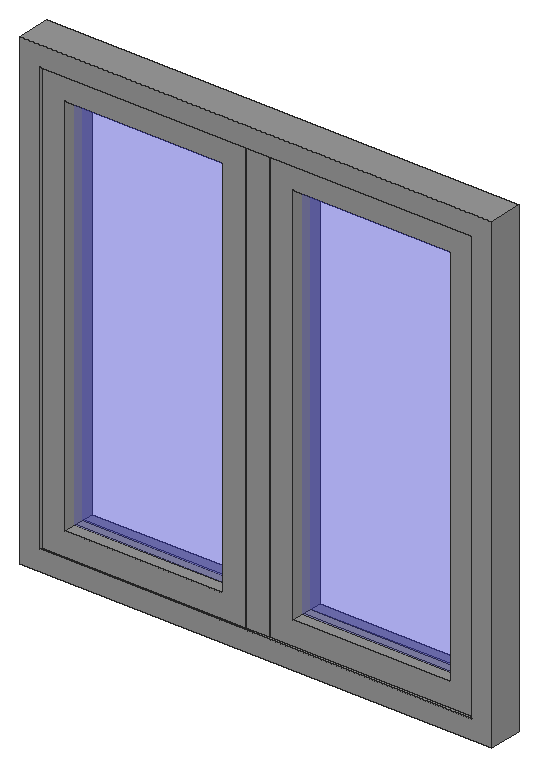
Revit family "Family9", category Windows, host Wall, Revit 2018
Family settings
  Host = Wall
  OmniClass Number = 23.30.20.00
  OmniClass Title = Windows
  Always vertical = Yes
  Cut with Voids When Loaded = No
  Shared = No
  Room Calculation Point = No
Parameters
  Window Thickness = 84 mm
  Window = White
  Visual Light Transmittance = 0.81
  URL = "www.skywardwindows.co.za"
  Thermal Resistance (R) = 0.3196 (m²·K)/W
  Telephone = "021 276 1800"
  Solar Heat Gain Coefficient = 0.76
  Manufacturer = "Skyward Windows"
  Height = 1190 mm
  Heat Transfer Coefficient (U) = 3.1292 W/(m²·K)
  Glass Thickness = 4 mm
  Glass = Glass
  Email Address = "info@skywardwindows.co.za"
  Default Sill Height = 800 mm
  Wall Closure = By host
  Width = 1190 mm
  Company Address = "Charles Matthews Street Atlantis 7349"
  Analytic Construction = "Double glazing - domestic"
Reference planes
  plane 1 "Center (Front/Back)": y = 0
  plane 2 "Center (Left/Right)": x = 0
  plane 3 "Left": x = -595
  plane 4 "Right": x = 595
  plane 5 "Sill": z = 800
  plane 6 "Head": z = 1990
  plane 7 "Exterior": y = 100
  plane 8 "Interior": y = -100
Forms (mm)
  Extrusion 1, solid, material "White" <- "Window"
    sketch origin (0, -100, 0) x (1, 0, 0) y (0, 0, 1)
      loop
        line (-595, 1990) -> (-595, 800) -> (595, 800) -> (595, 1990) -> (-595, 1990)
      loop
        line (-545, 850) -> (545, 850) -> (545, 1940) -> (-545, 1940) -> (-545, 850)
    from -135.787 to -51.787
  Extrusion 2, solid, material "White" <- "Window"
    sketch origin (0, -100, 0) x (1, 0, 0) y (0, 0, 1)
      loop
        line (-545, 1940) -> (-545, 850) -> (-30, 850) -> (-30, 1940) -> (-545, 1940)
      loop
        line (-486, 909) -> (-89, 909) -> (-89, 1881) -> (-486, 1881) -> (-486, 909)
    from -142 to -58
  Extrusion 3, solid, material "White" <- "Window"
    sketch origin (575, -100, 0) x (1, 0, 0) y (0, 0, 1)
      loop
        line (-545, 1940) -> (-545, 850) -> (-30, 850) -> (-30, 1940) -> (-545, 1940)
      loop
        line (-486, 909) -> (-89, 909) -> (-89, 1881) -> (-486, 1881) -> (-486, 909)
    from -142 to -58
  Extrusion 4, solid, material "White" <- "Window"
    sketch origin (0, -100, 0) x (1, 0, 0) y (0, 0, 1)
      loop
        line (-30, 1940) -> (-30, 850) -> (30, 850) -> (30, 1940) -> (-30, 1940)
    from -142 to -58
  Extrusion 5, solid, material "Glass" <- "Glass"
    sketch origin (0, 0, 0) x (1, 0, 0) y (0, 1, 0)
      loop
        line (89, 14) -> (89, 10) -> (486, 10) -> (486, 14) -> (89, 14)
      loop
        line (89, -10) -> (89, -14) -> (486, -14) -> (486, -10) -> (89, -10)
      loop
        line (-486, 14) -> (-486, 10) -> (-89, 10) -> (-89, 14) -> (-486, 14)
      loop
        line (-486, -10) -> (-486, -14) -> (-89, -14) -> (-89, -10) -> (-486, -10)
    from 909 to 1881
Lines and regions (mm)
  Opening 1
    outline origin (3500, -100, 0) x (1, 0, 0) y (0, 0, 1)
      loop
        line (-2905, 800) -> (-2905, 1990) -> (-4095, 1990) -> (-4095, 800) -> (-2905, 800)
Text (mm)
  text "EXTERIOR" at (-1963.203, 1332.353, 0), in view "Ref. Level"
  text "INTERIOR" at (-1981.466, -818.386, 0), in view "Ref. Level"
  text "Exterior" at (0, 923.751, 2943.296), in view "Right"
  text "Exterior" at (0, 1040.484, 2685.409), in view "Left"
Dimensions and locks
  equal spacing: plane 3 "Left", plane 2 "Center (Left/Right)", plane 4 "Right"
  "Width": plane 3 "Left" to plane 4 "Right"
  "Height": plane 5 "Sill" to plane 6 "Head"
  "Default Sill Height": plane 5 "Sill" to level
  locked: plane 7 "Exterior" to host wall at 0
  locked: plane 8 "Interior" to host wall
  "Window Thickness": Extrusion 1 to Extrusion 1
  "Window Thickness": Extrusion 3 to Extrusion 3
  "Window Thickness": Extrusion 2 to Extrusion 2
  "Glass Thickness": Extrusion 5 to Extrusion 5  (x4)
  aligned and locked: Extrusion 1 sketch curve to host wall  (x3)
  aligned and locked: Extrusion 5 to Extrusion 2
Automatic sketch dimensions
  plane 3 "Left" to Opening 1 sketch curve = 0 mm
  plane 4 "Right" to Opening 1 sketch curve = 0 mm
  Opening 1 sketch curve to plane 5 "Sill" = 0 mm
  Opening 1 sketch curve to plane 6 "Head" = 0 mm
  Extrusion 1 sketch curve to plane 6 "Head" = 0 mm
  Extrusion 1 sketch curve to plane 3 "Left" = 50 mm
  plane 4 "Right" to Extrusion 1 sketch curve = 50 mm
  Extrusion 1 sketch curve to plane 5 "Sill" = 50 mm
  plane 6 "Head" to Extrusion 1 sketch curve = 50 mm
  Extrusion 2 sketch curve to plane 3 "Left" = 50 mm
  Extrusion 2 sketch curve to Extrusion 2 sketch curve = 59 mm  (x2)
  plane 2 "Center (Left/Right)" to Extrusion 2 sketch curve = 89 mm
  plane 2 "Center (Left/Right)" to Extrusion 2 sketch curve = 30 mm
  Extrusion 2 sketch curve to plane 5 "Sill" = 50 mm
  plane 6 "Head" to Extrusion 2 sketch curve = 109 mm
  plane 6 "Head" to Extrusion 2 sketch curve = 50 mm
  Extrusion 3 sketch curve to plane 2 "Center (Left/Right)" = 30 mm
  Extrusion 3 sketch curve to Extrusion 3 sketch curve = 59 mm  (x2)
  plane 4 "Right" to Extrusion 3 sketch curve = 109 mm
  plane 4 "Right" to Extrusion 3 sketch curve = 50 mm
  Extrusion 3 sketch curve to plane 5 "Sill" = 50 mm
  plane 6 "Head" to Extrusion 3 sketch curve = 109 mm
  plane 6 "Head" to Extrusion 3 sketch curve = 50 mm
  plane 2 "Center (Left/Right)" to Extrusion 4 sketch curve = 30 mm
  Extrusion 4 sketch curve to plane 2 "Center (Left/Right)" = 30 mm
  Extrusion 4 sketch curve to plane 5 "Sill" = 50 mm
  plane 6 "Head" to Extrusion 4 sketch curve = 50 mm
  Extrusion 5 sketch curve to host wall = 14 mm  (x2)
  Extrusion 5 sketch curve to plane 3 "Left" = 109 mm
  Extrusion 5 sketch curve to Extrusion 5 sketch curve = 0 mm  (x4)
  plane 2 "Center (Left/Right)" to Extrusion 5 sketch curve = 89 mm
  Extrusion 5 sketch curve to plane 2 "Center (Left/Right)" = 89 mm
  plane 4 "Right" to Extrusion 5 sketch curve = 109 mm
  Extrusion 5 sketch curve to Extrusion 5 sketch curve = 4 mm  (x4)
  host wall to Extrusion 5 sketch curve = 10 mm  (x2)
